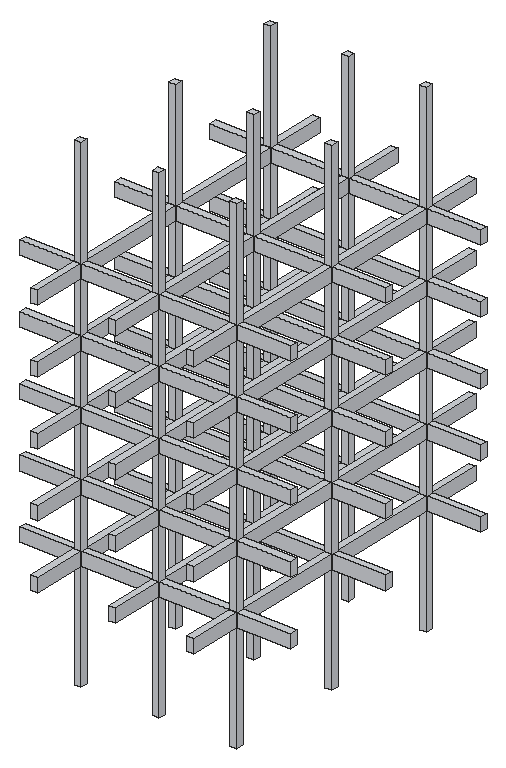
Revit family "3D_Trellis", category Generic Models, Revit 2022
Family settings
  Can host rebar = No
  Round Connector Dimension = Use Diameter
  Part Type = Normal
  Work Plane-Based = No
  Always vertical = Yes
  Cut with Voids When Loaded = No
  Maintain Annotation Orientation = No
  Shared = No
  Room Calculation Point = No
Parameters
  Width Member Spacing [instance] = 6' - 0"
  Width [instance] = 18' - 0"
  Vertical Member Width [instance] = 0' - 6"
  Vertical Member No. [instance] = Width / Width Member Spacing  # 3
  Vertical Member Length [instance] = 0' - 6"
  Vertical Member Extension [instance] = 8' - 0"
  Material = none
  Length Member Spacing [instance] = 4' - 0"
  Length [instance] = 12' - 0"
  Horizontal Member Width = 0' - 6"
  Horizontal Member Extension [instance] = 8' - 0"
  Horizontal Member Height [instance] = 1' - 0"
  Horizontal Grid No. [instance] = Height / Height Member Spacing  # 5
  Height Member Spacing [instance] = 4' - 0"
  Height = 20' - 0"
  Final Height [instance] = Height + (Vertical Member Extension * 2)  # 36' - 0"
  Default Elevation = 0' - 0"
Reference planes (in)
  plane 1 "Center (Front/Back)": y = 0
  plane 2: z = 0
  plane 3 "Center (Left/Right)": x = 0
  plane 4: y = 108
  plane 5: x = 72
  plane 6: y = -108
  plane 7: x = -72
  plane 8: z = 240
  plane 9: z = -96
Dimensions and locks (in)
  equal spacing: plane 7, plane 3 "Center (Left/Right)", plane 5
  equal spacing: plane 4, plane 1 "Center (Front/Back)", plane 6
  "Length": plane 7 to plane 5
  "Width": plane 6 to plane 4
  "Height": plane 8 to level
  equal spacing: group 1, group 3, group 4, group 5, group 2  (x3)
  "Vertical Member Extension": level to plane 9
  equal spacing: group 6, group 8, group 7  (x3)
  aligned and locked: plane 2 to level
  aligned and locked: nested 1 to plane 1 "Center (Front/Back)"
  aligned and locked: nested 2 to plane 7
  aligned and locked: nested 3 to plane 8
  aligned and locked: nested 3 to plane 3 "Center (Left/Right)"
  aligned and locked: nested 1 to level
  aligned and locked: plane 9 to nested 2  (x2)
  aligned and locked: plane 6 to nested 2
  aligned and locked: nested 7 to plane 4
  aligned and locked: plane 9 to nested 7
  aligned and locked: nested 7 to plane 7
Nested families (in)
  nested 1: "horizontal_grid" at (0, 0, 0) x (0, -1, 0) z (0, 0, 1), type "horizontal_grid"
  nested 2: "vertical_grid" at (-72, -105, -96), type "vertical_grid"
  nested 3: "horizontal_grid" at (0, 0, 228) x (0, -1, 0) z (0, 0, 1), type "horizontal_grid"
  nested 4: "horizontal_grid" at (0, 0, 57) x (0, -1, 0) z (0, 0, 1), type "horizontal_grid"
  nested 5: "horizontal_grid" at (0, 0, 114) x (0, -1, 0) z (0, 0, 1), type "horizontal_grid"
  nested 6: "horizontal_grid" at (0, 0, 171) x (0, -1, 0) z (0, 0, 1), type "horizontal_grid"
  nested 7: "vertical_grid" at (-72, 105, -96), type "vertical_grid"
  nested 8: "vertical_grid" at (-72, 0, -96), type "vertical_grid"
Definition of nested family "horizontal_grid"
  Parameters (values of type "horizontal_grid")
    Width Spacing = 6' - 0"
    Width No. = Base Width / Width Spacing  # 3
    Overhang Offset = 8' - 0"
    Material = none
    Final Width = Base Width + Overhang Offset  # 26' - 0"
    Final Length = Base Length + Overhang Offset  # 20' - 0"
    Base Width = 18' - 0"
    Mullion Width = 0' - 6"
    Mullion Height = 1' - 0"
    Length Spacing = 4' - 0"
    Length No. = Base Length / Length Spacing  # 3
    Base Length = 12' - 0"
    Default Elevation = 0' - 0"
  Reference planes (in)
    plane 1 "Center (Front/Back)": y = 0
    plane 2: z = 0
    plane 3 "Center (Left/Right)": x = 0
    plane 4: y = 72
    plane 5: x = 108
    plane 6: y = -72
    plane 7: x = -108
  Dimensions and locks (in)
    equal spacing: plane 7, plane 3 "Center (Left/Right)", plane 5
    equal spacing: plane 4, plane 1 "Center (Front/Back)", plane 6
    "Base Length": plane 4 to plane 6
    "Base Width": plane 7 to plane 5
    equal spacing: group 2, group 6, group 1
    equal spacing: group 1, group 6, group 2  (x2)
    equal spacing: group 3, group 5, group 4  (x2)
    equal spacing: group 4, group 5, group 3
    aligned and locked: plane 2 to level
    aligned and locked: nested 1 to plane 4
    aligned and locked: nested 3 to plane 1 "Center (Front/Back)"
    aligned and locked: nested 3 to plane 7
    aligned and locked: nested 4 to plane 3 "Center (Left/Right)"
    aligned and locked: nested 4 to plane 6
    aligned and locked: plane 3 "Center (Left/Right)" to nested 1
    aligned and locked: plane 1 "Center (Front/Back)" to nested 2
    aligned and locked: nested 2 to plane 5
  Nested families (in)
    nested 1: "single_member" at (0, 69, 0), type "Width Member"
    nested 2: "single_member" at (105, 0, 0), type "Length Member"
    nested 3: "single_member" at (-105, 0, 0), type "Length Member"
    nested 4: "single_member" at (0, -69, 0), type "Width Member"
    nested 5: "single_member" at (0, 0, 0), type "Width Member"
    nested 6: "single_member" at (0, 0, 0), type "Length Member"
  Definition of nested family "single_member"
    Parameters (values of type "Length Member")
      Width = 0' - 6"
      Material = none
      Length = 20' - 0"
      Height = 1' - 0"
      Default Elevation = 0' - 0"
    Types (2): name | Width | Length
      Length Member | 0' - 6" | 20' - 0"
      Width Member | 26' - 0" | 0' - 6"
    Reference planes (in)
      plane 1 "Center (Front/Back)": y = 0
      plane 2: z = 0
      plane 3 "Center (Left/Right)": x = 0
      plane 4: z = 12
    Forms (in)
      Sweep 1, solid, material <- "Material"
        path origin (0, 0, 0) x (1, 0, 0) y (0, 0, 1)
          loop
            line (0, 0) -> (0, 12)
        profile origin (0, 0, 6) x (-1, 0, 0) y (0, -1, 0)
          loop
            line (3, -120) -> (3, 120) -> (-3, 120) -> (-3, -120) -> (3, -120)
    Dimensions and locks (in)
      "Height": plane 4 to level
      equal spacing: Sweep 1 sketch curve, profile plane, Sweep 1 sketch curve  (x2)
      "Length": Sweep 1 sketch curve to Sweep 1 sketch curve
      "Width": Sweep 1 sketch curve to Sweep 1 sketch curve
      aligned and locked: plane 2 to level
      aligned and locked: plane 4 to Sweep 1 sketch curve
      aligned and locked: level to Sweep 1 sketch curve
    Automatic sketch dimensions
      Sweep 1 sketch curve to plane 3 "Center (Left/Right)" = 0' - 0"
Definition of nested family "vertical_grid"
  Parameters (values of type "vertical_grid")
    Width = 12' - 0"
    Spacing = 4' - 0"
    No. = Width / Spacing  # 3
    Mullion Width = 0' - 6"
    Mullion Length = 0' - 6"
    Material = none
    Height = 36' - 0"
    Default Elevation = 0' - 0"
  Reference planes (in)
    plane 1 "Center (Front/Back)": y = 0
    plane 2: z = 0
    plane 3 "Center (Left/Right)": x = 0
    plane 4: z = 432
    plane 5: x = 144
  Dimensions and locks (in)
    "Height": plane 4 to level
    "Width": plane 3 "Center (Left/Right)" to plane 5
    equal spacing: group 1, group 3, group 2  (x3)
    aligned and locked: plane 2 to level
    aligned and locked: plane 1 "Center (Front/Back)" to nested 1
    aligned and locked: level to nested 1
    aligned and locked: nested 1 to plane 3 "Center (Left/Right)"
    aligned and locked: nested 2 to level
    aligned and locked: plane 5 to nested 2
  Nested families (in)
    nested 1: "single_member" at (3, 0, 0), type "single_member"
    nested 2: "single_member" at (141, 0, 0), type "single_member"
    nested 3: "single_member" at (72, 0, 0), type "single_member"
  Definition of nested family "single_member"
    Parameters (values of type "single_member")
      Width = 0' - 6"
      Material = none
      Length = 0' - 6"
      Height = 36' - 0"
      Default Elevation = 0' - 0"
    Reference planes (in)
      plane 1 "Center (Front/Back)": y = 0
      plane 2: z = 0
      plane 3 "Center (Left/Right)": x = 0
      plane 4: z = 432
    Forms (in)
      Sweep 1, solid, material <- "Material"
        path origin (0, 0, 0) x (1, 0, 0) y (0, 0, 1)
          loop
            line (0, 0) -> (0, 432)
        profile origin (0, 0, 216) x (-1, 0, 0) y (0, -1, 0)
          loop
            line (3, -3) -> (3, 3) -> (-3, 3) -> (-3, -3) -> (3, -3)
    Dimensions and locks (in)
      "Height": plane 4 to level
      equal spacing: Sweep 1 sketch curve, profile plane, Sweep 1 sketch curve  (x2)
      "Length": Sweep 1 sketch curve to Sweep 1 sketch curve
      "Width": Sweep 1 sketch curve to Sweep 1 sketch curve
      aligned and locked: plane 2 to level
      aligned and locked: plane 4 to Sweep 1 sketch curve
      aligned and locked: level to Sweep 1 sketch curve
    Automatic sketch dimensions
      Sweep 1 sketch curve to plane 3 "Center (Left/Right)" = 0' - 0"
